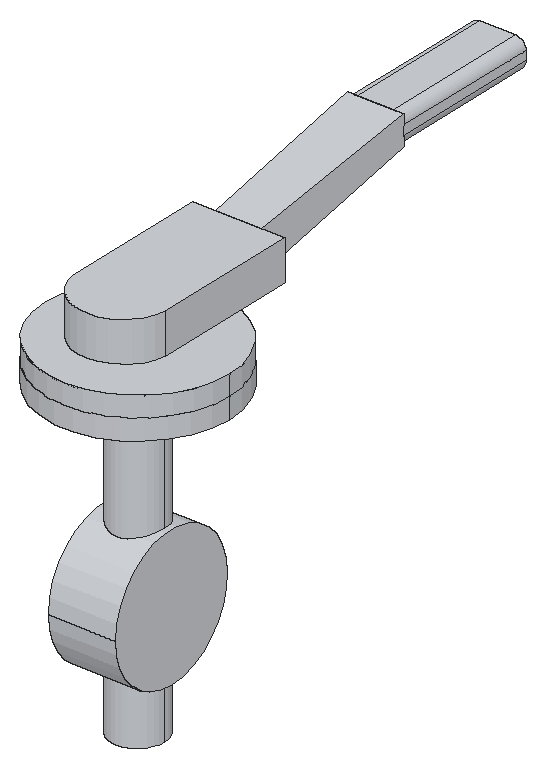
Revit family "HS497-68_disk-nerez_s pákou DN032-RFA_2018", category Pipe Accessories, Revit 2018
Family settings
  Round Connector Dimension = Use Diameter
  Part Type = Valve - Breaks Into
  Work Plane-Based = No
  Always vertical = Yes
  Cut with Voids When Loaded = No
  Shared = No
Parameters (values of type "HS 497-68_DN032_PN16_s pákou")
  magiProductId = "9ad8088d610749a1b871aa2aad8007"
  magiProductFamilyId = "53cea81e6f374d17b8841d9c72ad77"
  magiPartTypeId = 305
  isMeasuringValve [instance] = no
  ang2D [instance] = 0.00°
  X11 = 61.456 mm
  X1 = 25.456 mm
  W2D = 1000 mm
  VersionID = "2.0/2017.9.26.1/ZETKAMA_497_001"
  Use Minimum Symbol Size [instance] = yes
  URL = "http://www.hydronic.cz"
  Type Comments = "mezipřírubová; nerezový disk; PN16; -10~+110°C (krátkodobě +120°C)"
  SW30 = no
  SW3 = no
  SW21 = no
  SW20 = yes
  SW2 = yes
  SW1 = no
  R = 16 mm
  QmdConnectorList = "301;D;302;D"
  Productdata [instance] = ""
  NC = 50 mm
  Manufacturer = "Hydronic Systems Prague s.r.o."
  MM20 = 25.456 mm
  MC Product Code = "121 032 (nerezový disk, s pákou; DN32; PN16, kvs78)"
  M41 = 66 mm
  M4 = 44 mm
  LHL = 220 mm
  LHH3 = 2.45 mm
  LHH1 = 46.55 mm
  LH1 = 73.333 mm
  L4R__ve = -L4R  # -12.8 mm
  L4R = 12.8 mm
  L42__ve = -L42  # -96 mm
  L42 = 96 mm
  L41__ve = -L41  # -19.2 mm
  L41 = 19.2 mm
  L2D_Min = 3048 mm
  L2D = 216 mm
  L2 = 16.5 mm
  L1 = 26.4 mm
  L = 33 mm
  H = 30 mm
  G22 = 11.25 mm
  G2 = 22.5 mm
  G1 = 90 mm
  G = 90 mm
  F = 11 mm
  E44 = 31.25 mm
  E42 = 62.5 mm
  E4 = 125 mm
  E23 = 4.9 mm
  E22 = 19.6 mm
  E21 = 9.8 mm
  Description = "Mezipřírubová uzavírací klapka s pákou; nerezový disk, DN32; PN16; kvs78"
  DR2 = 16 mm
  DR = 68 mm
  DD1 = 15.625 mm
  DD = 12.5 mm
  D = 32 mm
  CAT0 = yes
  B2__ve = -B2  # -44.2 mm
  B2 = 44.2 mm
  A2 = 10.25 mm
  A1 = 76.25 mm
Types (43, lengths in mm): name | magiProductId | X11 | X1 | Type Comments | SW30 | SW3 | SW20 | SW2 | SW1 | R | NC | Manufacturer | MM20 | MC Product Code | M41 | M4 | LHL | LHH3 | LHH1 | LH1 | L4R__ve | L4R | L42__ve | L42 | L41__ve | L41 | L2 | L1 | L | H | G | F | E44 | E42 | E4 | E23 | E22 | E21 | Description | DR2 | DR | DD1 | DD | D | B2__ve | B2 | A2 | A1
  HS 497-68_DN100_PN16_volné vřeteno | "65d1b245f4f142c78569c0602d5754" | 61.456 | 25.456 | "mezipřírubová; nerezový disk; PN16; -10~+110°C (krátkodobě +120°C)" | no | no | no | no | yes | 50 | 50 | "Hydronic Systems Prague s.r.o." | 25.456 | "124 100 (nerezový disk, s volným vřetenem; DN100; PN16, kvs512)" | 66 | 44 | 220 | 2.45 | 46.55 | 73.333 | -12.8 | 12.8 | -96 | 96 | -19.2 | 19.2 | 26 | 41.6 | 52 | 30 | 90 | 11 | 31.25 | 62.5 | 125 | 4.9 | 19.6 | 9.8 | "Mezipřírubová uzavírací klapka s volným vřetenem; nerezový disk, DN100; PN16; kvs512" | 50 | 147 | 15.625 | 12.5 | 100 | -56 | 56 | 16.5 | 98.5
  HS 497-68_DN100_PN16_převodové kolo | "11e91b807e674d428c8e796fcdcfe2" | 61.456 | 25.456 | "mezipřírubová; nerezový disk; PN16; -10~+110°C (krátkodobě +120°C)" | yes | yes | no | no | no | 50 | 50 | "Hydronic Systems Prague s.r.o." | 25.456 | "126 100 (nerezový disk, s převodovým kolem; DN100; PN16, kvs512)" | 65.25 | 43.5 | 220 | 2.45 | 46.55 | 73.333 | -12.8 | 12.8 | -96 | 96 | -19.2 | 19.2 | 26 | 41.6 | 52 | 30 | 90 | 11 | 31.25 | 62.5 | 125 | 4.9 | 19.6 | 9.8 | "Mezipřírubová uzavírací klapka s převodovým kolem; nerezový disk, DN100; PN16; kvs512" | 50 | 147 | 15.625 | 12.5 | 100 | -56 | 56 | 16.5 | 98.5
  HS 497-68_DN100_PN16_s pákou | "28172f0b3f4b47b28323ac71cf8749" | 61.456 | 25.456 | "mezipřírubová; nerezový disk; PN16; -10~+110°C (krátkodobě +120°C)" | no | no | yes | yes | no | 50 | 50 | "Hydronic Systems Prague s.r.o." | 25.456 | "121 100 (nerezový disk, s pákou; DN100; PN16, kvs512)" | 66 | 44 | 260 | 3 | 57 | 86.667 | -12.8 | 12.8 | -96 | 96 | -19.2 | 19.2 | 26 | 41.6 | 52 | 30 | 90 | 11 | 31.25 | 62.5 | 125 | 6 | 24 | 12 | "Mezipřírubová uzavírací klapka s pákou; nerezový disk, DN100; PN16; kvs512" | 50 | 147 | 15.625 | 12.5 | 100 | -56 | 56 | 16.5 | 98.5
  HS 497-68_DN125_PN16_volné vřeteno | "0d813d910fc14f628bb3c2efbd185c" | 61.456 | 25.456 | "mezipřírubová; nerezový disk; PN16; -10~+110°C (krátkodobě +120°C)" | no | no | no | no | yes | 62.5 | 50 | "Hydronic Systems Prague s.r.o." | 25.456 | "124 125 (nerezový disk, s volným vřetenem; DN125; PN16, kvs872)" | 66 | 44 | 220 | 2.45 | 46.55 | 73.333 | -12.8 | 12.8 | -96 | 96 | -19.2 | 19.2 | 28 | 44.8 | 56 | 33 | 90 | 14 | 31.25 | 62.5 | 125 | 4.9 | 19.6 | 9.8 | "Mezipřírubová uzavírací klapka s volným vřetenem; nerezový disk, DN125; PN16; kvs872" | 62.5 | 180 | 15.625 | 12.5 | 125 | -64 | 64 | 18 | 99.5
  HS 497-68_DN125_PN16_převodové kolo | "c56b7c13f372467684996fb1e0e229" | 61.456 | 25.456 | "mezipřírubová; nerezový disk; PN16; -10~+110°C (krátkodobě +120°C)" | yes | yes | no | no | no | 62.5 | 50 | "Hydronic Systems Prague s.r.o." | 25.456 | "126125 (nerezový disk, s převodovým kolem; DN125; PN16, kvs872)" | 65.25 | 43.5 | 220 | 2.45 | 46.55 | 73.333 | -13.5 | 13.5 | -101.25 | 101.25 | -20.25 | 20.25 | 28 | 44.8 | 56 | 33 | 90 | 14 | 40 | 80 | 160 | 4.9 | 19.6 | 9.8 | "Mezipřírubová uzavírací klapka s převodovým kolem; nerezový disk, DN125; PN16; kvs872" | 62.5 | 180 | 20 | 16 | 125 | -64 | 64 | 18 | 99.5
  HS 497-68_DN125_PN16_s pákou | "105993c79a91492399feef7931321a" | 61.456 | 25.456 | "mezipřírubová; nerezový disk; PN16; -10~+110°C (krátkodobě +120°C)" | no | no | yes | yes | no | 62.5 | 50 | "Hydronic Systems Prague s.r.o." | 25.456 | "121 125 (nerezový disk, s pákou; DN125; PN16, kvs872)" | 66 | 44 | 315 | 3.75 | 71.25 | 105 | -12.8 | 12.8 | -96 | 96 | -19.2 | 19.2 | 28 | 44.8 | 56 | 33 | 90 | 14 | 31.25 | 62.5 | 125 | 7.5 | 30 | 15 | "Mezipřírubová uzavírací klapka s pákou; nerezový disk, DN125; PN16; kvs872" | 62.5 | 180 | 15.625 | 12.5 | 125 | -64 | 64 | 18 | 99.5
  HS 497-68_DN150_PN16_volné vřeteno | "50c80cb8ab434f55ab7796e5ac1331" | 61.456 | 25.456 | "mezipřírubová; nerezový disk; PN16; -10~+110°C (krátkodobě +120°C)" | no | no | no | no | yes | 75 | 50 | "Hydronic Systems Prague s.r.o." | 25.456 | "124 150 (nerezový disk, s volným vřetenem; DN150; PN16, kvs1347)" | 66 | 44 | 220 | 2.45 | 46.55 | 73.333 | -12.8 | 12.8 | -96 | 96 | -19.2 | 19.2 | 28 | 44.8 | 56 | 33 | 90 | 14 | 31.25 | 62.5 | 125 | 4.9 | 19.6 | 9.8 | "Mezipřírubová uzavírací klapka s volným vřetenem; nerezový disk, DN150; PN16; kvs1347" | 75 | 206 | 15.625 | 12.5 | 150 | -58 | 58 | 19.3 | 98.7
  HS 497-68_DN150_PN16_převodové kolo | "d94a1a0cf83b476eb10011b327f709" | 61.456 | 25.456 | "mezipřírubová; nerezový disk; PN16; -10~+110°C (krátkodobě +120°C)" | yes | yes | no | no | no | 75 | 50 | "Hydronic Systems Prague s.r.o." | 25.456 | "126 150 (nerezový disk, s převodovým kolem; DN150; PN16, kvs1347)" | 65.25 | 43.5 | 220 | 2.45 | 46.55 | 73.333 | -13.5 | 13.5 | -101.25 | 101.25 | -20.25 | 20.25 | 28 | 44.8 | 56 | 33 | 90 | 14 | 40 | 80 | 160 | 4.9 | 19.6 | 9.8 | "Mezipřírubová uzavírací klapka s převodovým kolem; nerezový disk, DN150; PN16; kvs1347" | 75 | 206 | 20 | 16 | 150 | -58 | 58 | 19.3 | 98.7
  HS 497-68_DN150_PN16_s pákou | "4d2835523fe84828bc50ff0a5a0dfb" | 61.456 | 25.456 | "mezipřírubová; nerezový disk; PN16; -10~+110°C (krátkodobě +120°C)" | no | no | yes | yes | no | 75 | 50 | "Hydronic Systems Prague s.r.o." | 25.456 | "121 150 (nerezový disk, s pákou; DN150; PN16, kvs1347)" | 66 | 44 | 315 | 3.75 | 71.25 | 105 | -12.8 | 12.8 | -96 | 96 | -19.2 | 19.2 | 28 | 44.8 | 56 | 33 | 90 | 14 | 31.25 | 62.5 | 125 | 7.5 | 30 | 15 | "Mezipřírubová uzavírací klapka s pákou; nerezový disk, DN150; PN16; kvs1347" | 75 | 206 | 15.625 | 12.5 | 150 | -58 | 58 | 19.3 | 98.7
  HS 497-68_DN200_PN16_volné vřeteno | "5b29029eaeba47139ee1055a4b9201" | 61.456 | 25.456 | "mezipřírubová; nerezový disk; PN16; -10~+110°C (krátkodobě +120°C)" | no | no | no | no | yes | 100 | 50 | "Hydronic Systems Prague s.r.o." | 25.456 | "124 200 (nerezový disk, s volným vřetenem; DN200; PN16, kvs2675)" | 66 | 44 | 220 | 2.45 | 46.55 | 73.333 | -12.8 | 12.8 | -96 | 96 | -19.2 | 19.2 | 30 | 48 | 60 | 33 | 90 | 17 | 31.25 | 62.5 | 125 | 4.9 | 19.6 | 9.8 | "Mezipřírubová uzavírací klapka s volným vřetenem; nerezový disk, DN200; PN16; kvs2675" | 100 | 257 | 15.625 | 12.5 | 200 | -70 | 70 | 22.5 | 102.5
  HS 497-68_DN200_PN16_převodové kolo | "b2793cc1fcc44cf2a35062cd67c04f" | 61.456 | 25.456 | "mezipřírubová; nerezový disk; PN16; -10~+110°C (krátkodobě +120°C)" | yes | yes | no | no | no | 100 | 57 | "Hydronic Systems Prague s.r.o." | 25.456 | "126 200 (nerezový disk, s převodovým kolem; DN200; PN16, kvs2675)" | 78.75 | 52.5 | 220 | 2.45 | 46.55 | 73.333 | -15.2 | 15.2 | -114 | 114 | -22.8 | 22.8 | 30 | 48 | 60 | 33 | 90 | 17 | 50 | 100 | 200 | 4.9 | 19.6 | 9.8 | "Mezipřírubová uzavírací klapka s převodovým kolem; nerezový disk, DN200; PN16; kvs2675" | 100 | 257 | 25 | 20 | 200 | -70 | 70 | 22.5 | 102.5
  HS 497-68_DN200_PN16_s pákou | "f88d96c7af224537a51e72d7d8fffe" | 61.456 | 25.456 | "mezipřírubová; nerezový disk; PN16; -10~+110°C (krátkodobě +120°C)" | no | no | yes | yes | no | 100 | 50 | "Hydronic Systems Prague s.r.o." | 25.456 | "121 200 (nerezový disk, s pákou; DN200; PN16, kvs2675)" | 66 | 44 | 315 | 3.75 | 71.25 | 105 | -12.8 | 12.8 | -96 | 96 | -19.2 | 19.2 | 30 | 48 | 60 | 33 | 90 | 17 | 31.25 | 62.5 | 125 | 7.5 | 30 | 15 | "Mezipřírubová uzavírací klapka s pákou; nerezový disk, DN200; PN16; kvs2675" | 100 | 257 | 15.625 | 12.5 | 200 | -70 | 70 | 22.5 | 102.5
  HS 497-68_DN250_PN16_volné vřeteno | "b662e8305ca2402b9c510e66e6aa55" | 88.77 | 36.77 | "mezipřírubová; nerezový disk; PN16; -10~+110°C (krátkodobě +120°C)" | no | no | no | no | yes | 125 | 50 | "Hydronic Systems Prague s.r.o." | 36.77 | "124 250 (nerezový disk, s volným vřetenem; DN250; PN16, kvs4555)" | 66 | 44 | 220 | 2.45 | 46.55 | 73.333 | -12.8 | 12.8 | -96 | 96 | -19.2 | 19.2 | 34 | 54.4 | 68 | 23 | 130 | 22 | 31.25 | 62.5 | 125 | 4.9 | 19.6 | 9.8 | "Mezipřírubová uzavírací klapka s volným vřetenem; nerezový disk, DN250; PN16; kvs4555" | 125 | 324 | 15.625 | 12.5 | 250 | -85 | 85 | 28.25 | 129.25
  HS 497-68_DN250_PN16_převodové kolo | "5ee9016806664ddfaa2632711f295c" | 88.77 | 36.77 | "mezipřírubová; nerezový disk; PN16; -10~+110°C (krátkodobě +120°C)" | yes | yes | no | no | no | 125 | 70 | "Hydronic Systems Prague s.r.o." | 36.77 | "126 250 (nerezový disk, s převodovým kolem; DN250; PN16, kvs4555)" | 91.5 | 61 | 220 | 2.45 | 46.55 | 73.333 | -22.2 | 22.2 | -166.5 | 166.5 | -33.3 | 33.3 | 34 | 54.4 | 68 | 23 | 130 | 22 | 62.5 | 125 | 250 | 4.9 | 19.6 | 9.8 | "Mezipřírubová uzavírací klapka s převodovým kolem; nerezový disk, DN250; PN16; kvs4555" | 125 | 324 | 31.25 | 25 | 250 | -85 | 85 | 28.25 | 129.25
  HS 497-68_DN300_PN16_volné vřeteno | "e1886f51ff004380a649519258edf2" | 88.77 | 36.77 | "mezipřírubová; nerezový disk; PN16; -10~+110°C (krátkodobě +120°C)" | no | no | no | no | yes | 150 | 50 | "Hydronic Systems Prague s.r.o." | 36.77 | "124 300 (nerezový disk, s volným vřetenem; DN300; PN16, kvs7037)" | 66 | 44 | 220 | 2.45 | 46.55 | 73.333 | -12.8 | 12.8 | -96 | 96 | -19.2 | 19.2 | 39 | 62.4 | 78 | 23 | 130 | 22 | 31.25 | 62.5 | 125 | 4.9 | 19.6 | 9.8 | "Mezipřírubová uzavírací klapka s volným vřetenem; nerezový disk, DN300; PN16; kvs7037" | 150 | 376 | 15.625 | 12.5 | 300 | -90 | 90 | 30.8 | 127.2
  HS 497-68_DN300_PN16_převodové kolo | "6860f094f77d42088fbebc3c97f755" | 88.77 | 36.77 | "mezipřírubová; nerezový disk; PN16; -10~+110°C (krátkodobě +120°C)" | yes | yes | no | no | no | 150 | 70 | "Hydronic Systems Prague s.r.o." | 36.77 | "126 300 (nerezový disk, s převodovým kolem; DN300; PN16, kvs7037)" | 91.5 | 61 | 220 | 2.45 | 46.55 | 73.333 | -22.2 | 22.2 | -166.5 | 166.5 | -33.3 | 33.3 | 39 | 62.4 | 78 | 23 | 130 | 22 | 62.5 | 125 | 250 | 4.9 | 19.6 | 9.8 | "Mezipřírubová uzavírací klapka s převodovým kolem; nerezový disk, DN300; PN16; kvs7037" | 150 | 376 | 31.25 | 25 | 300 | -90 | 90 | 30.8 | 127.2
  HS 497-68_DN032_PN16_volné vřeteno | "8c5f65de52aa4067a77564107e31b2" | 61.456 | 25.456 | "mezipřírubová; nerezový disk; PN16; -10~+110°C (krátkodobě +120°C)" | no | no | no | no | yes | 16 | 50 | "Hydronic Systems Prague s.r.o." | 25.456 | "124 032 (nerezový disk, s volným vřetenem; DN32; PN16, kvs78)" | 66 | 44 | 220 | 2.45 | 46.55 | 73.333 | -12.8 | 12.8 | -96 | 96 | -19.2 | 19.2 | 16.5 | 26.4 | 33 | 30 | 90 | 11 | 31.25 | 62.5 | 125 | 4.9 | 19.6 | 9.8 | "Mezipřírubová uzavírací klapka s volným vřetenem; nerezový disk, DN32; PN16; kvs78" | 16 | 68 | 15.625 | 12.5 | 32 | -44.2 | 44.2 | 10.25 | 76.25
  HS 497-68_DN032_PN16_převodové kolo | "60aaeffa8b3a4e809ef000e4660060" | 61.456 | 25.456 | "mezipřírubová; nerezový disk; PN16; -10~+110°C (krátkodobě +120°C)" | yes | yes | no | no | no | 16 | 50 | "Hydronic Systems Prague s.r.o." | 25.456 | "126 032 (nerezový disk, s převodovým kolem; DN32; PN16, kvs78)" | 65.25 | 43.5 | 220 | 2.45 | 46.55 | 73.333 | -12.8 | 12.8 | -96 | 96 | -19.2 | 19.2 | 16.5 | 26.4 | 33 | 30 | 90 | 11 | 31.25 | 62.5 | 125 | 4.9 | 19.6 | 9.8 | "Mezipřírubová uzavírací klapka s převodovým kolem; nerezový disk, DN32; PN16; kvs78" | 16 | 68 | 15.625 | 12.5 | 32 | -44.2 | 44.2 | 10.25 | 76.25
  HS 497-68_DN032_PN16_s pákou | "9ad8088d610749a1b871aa2aad8007" | 61.456 | 25.456 | "mezipřírubová; nerezový disk; PN16; -10~+110°C (krátkodobě +120°C)" | no | no | yes | yes | no | 16 | 50 | "Hydronic Systems Prague s.r.o." | 25.456 | "121 032 (nerezový disk, s pákou; DN32; PN16, kvs78)" | 66 | 44 | 220 | 2.45 | 46.55 | 73.333 | -12.8 | 12.8 | -96 | 96 | -19.2 | 19.2 | 16.5 | 26.4 | 33 | 30 | 90 | 11 | 31.25 | 62.5 | 125 | 4.9 | 19.6 | 9.8 | "Mezipřírubová uzavírací klapka s pákou; nerezový disk, DN32; PN16; kvs78" | 16 | 68 | 15.625 | 12.5 | 32 | -44.2 | 44.2 | 10.25 | 76.25
  HS 497-68_DN350_PN10_volné vřeteno | "72a1e05f22944421b7e9596a877137" | 109.255 | 45.255 | "mezipřírubová; nerezový disk; PN10; -10~+110°C (krátkodobě +120°C)" | no | no | no | no | yes | 175 | 50 | "Hydronic Systems Prague s.r.o." | 45.255 | "124 350 (nerezový disk, s volným vřetenem; DN350; PN10, kvs10165)" | 66 | 44 | 220 | 2.45 | 46.55 | 73.333 | -12.8 | 12.8 | -96 | 96 | -19.2 | 19.2 | 39 | 62.4 | 78 | 31 | 160 | 22 | 31.25 | 62.5 | 125 | 4.9 | 19.6 | 9.8 | "Mezipřírubová uzavírací klapka s volným vřetenem; nerezový disk, DN350; PN10; kvs10165" | 175 | 430 | 15.625 | 12.5 | 350 | -88 | 88 | 33.85 | 129.65
  HS 497-68_DN350_PN10_převodové kolo | "a5a01426cb28494ba3afca92f1dace" | 109.255 | 45.255 | "mezipřírubová; nerezový disk; PN10; -10~+110°C (krátkodobě +120°C)" | yes | yes | no | no | no | 175 | 70 | "Hydronic Systems Prague s.r.o." | 45.255 | "126 350 (nerezový disk, s převodovým kolem; DN350; PN10, kvs10165)" | 91.5 | 61 | 220 | 2.45 | 46.55 | 73.333 | -22.2 | 22.2 | -166.5 | 166.5 | -33.3 | 33.3 | 39 | 62.4 | 78 | 31 | 160 | 22 | 62.5 | 125 | 250 | 4.9 | 19.6 | 9.8 | "Mezipřírubová uzavírací klapka s převodovým kolem; nerezový disk, DN350; PN10; kvs10165" | 175 | 430 | 31.25 | 25 | 350 | -88 | 88 | 33.85 | 129.65
  HS 497-68_DN400_PN10_volné vřeteno | "c70ebeb927c04ab99b176e257ad0a7" | 109.255 | 45.255 | "mezipřírubová; nerezový disk; PN10; -10~+110°C (krátkodobě +120°C)" | no | no | no | no | yes | 200 | 50 | "Hydronic Systems Prague s.r.o." | 45.255 | "124 400 (nerezový disk, s volným vřetenem; DN400; PN10, kvs13799)" | 66 | 44 | 220 | 2.45 | 46.55 | 73.333 | -12.8 | 12.8 | -96 | 96 | -19.2 | 19.2 | 51 | 81.6 | 102 | 31 | 160 | 27 | 31.25 | 62.5 | 125 | 4.9 | 19.6 | 9.8 | "Mezipřírubová uzavírací klapka s volným vřetenem; nerezový disk, DN400; PN10; kvs13799" | 200 | 485 | 15.625 | 12.5 | 400 | -108 | 108 | 38 | 142
  HS 497-68_DN400_PN10_převodové kolo | "cc64a4384dcb41b780d81810f4f293" | 109.255 | 45.255 | "mezipřírubová; nerezový disk; PN10; -10~+110°C (krátkodobě +120°C)" | yes | yes | no | no | no | 200 | 72.5 | "Hydronic Systems Prague s.r.o." | 45.255 | "126 400 (nerezový disk, s převodovým kolem; DN400; PN10, kvs13799)" | 103.5 | 69 | 220 | 2.45 | 46.55 | 73.333 | -27.8 | 27.8 | -208.5 | 208.5 | -41.7 | 41.7 | 51 | 81.6 | 102 | 31 | 160 | 27 | 75 | 150 | 300 | 4.9 | 19.6 | 9.8 | "Mezipřírubová uzavírací klapka s převodovým kolem; nerezový disk, DN400; PN10; kvs13799" | 200 | 485 | 37.5 | 30 | 400 | -108 | 108 | 38 | 142
  HS 497-68_DN040_PN16_volné vřeteno | "35f92312390745e88df5b5c325d9ee" | 61.456 | 25.456 | "mezipřírubová; nerezový disk; PN16; -10~+110°C (krátkodobě +120°C)" | no | no | no | no | yes | 20 | 50 | "Hydronic Systems Prague s.r.o." | 25.456 | "124 040 (nerezový disk, s volným vřetenem; DN40; PN16, kvs78)" | 66 | 44 | 220 | 2.45 | 46.55 | 73.333 | -12.8 | 12.8 | -96 | 96 | -19.2 | 19.2 | 16.5 | 26.4 | 33 | 30 | 90 | 11 | 31.25 | 62.5 | 125 | 4.9 | 19.6 | 9.8 | "Mezipřírubová uzavírací klapka s volným vřetenem; nerezový disk, DN40; PN16; kvs78" | 20 | 76 | 15.625 | 12.5 | 40 | -36 | 36 | 11 | 79
  HS 497-68_DN040_PN16_převodové kolo | "d88e968eae3445bc9b7b4e6ff35127" | 61.456 | 25.456 | "mezipřírubová; nerezový disk; PN16; -10~+110°C (krátkodobě +120°C)" | yes | yes | no | no | no | 20 | 50 | "Hydronic Systems Prague s.r.o." | 25.456 | "126 040 (nerezový disk, s převodovým kolem; DN40; PN16, kvs78)" | 65.25 | 43.5 | 220 | 2.45 | 46.55 | 73.333 | -12.8 | 12.8 | -96 | 96 | -19.2 | 19.2 | 16.5 | 26.4 | 33 | 30 | 90 | 11 | 31.25 | 62.5 | 125 | 4.9 | 19.6 | 9.8 | "Mezipřírubová uzavírací klapka s převodovým kolem; nerezový disk, DN40; PN16; kvs78" | 20 | 76 | 15.625 | 12.5 | 40 | -36 | 36 | 11 | 79
  HS 497-68_DN040_PN16_s pákou | "c1b522ca65b4407a98818f232eaacb" | 61.456 | 25.456 | "mezipřírubová; nerezový disk; PN16; -10~+110°C (krátkodobě +120°C)" | no | no | yes | yes | no | 20 | 50 | "Hydronic Systems Prague s.r.o." | 25.456 | "121 040 (nerezový disk, s pákou; DN40; PN16, kvs78)" | 66 | 44 | 220 | 2.45 | 46.55 | 73.333 | -12.8 | 12.8 | -96 | 96 | -19.2 | 19.2 | 16.5 | 26.4 | 33 | 30 | 90 | 11 | 31.25 | 62.5 | 125 | 4.9 | 19.6 | 9.8 | "Mezipřírubová uzavírací klapka s pákou; nerezový disk, DN40; PN16; kvs78" | 20 | 76 | 15.625 | 12.5 | 40 | -36 | 36 | 11 | 79
  HS 497-68_DN450_PN10_volné vřeteno | "a8358bc282f14872b3194e530e590a" | 129.74 | 53.74 | "mezipřírubová; nerezový disk; PN10; -10~+110°C (krátkodobě +120°C)" | no | no | no | no | yes | 225 | 50 | "Hydronic Systems Prague s.r.o." | 53.74 | "124 450 (nerezový disk, s volným vřetenem; DN450; PN10, kvs18514)" | 66 | 44 | 220 | 2.45 | 46.55 | 73.333 | -12.8 | 12.8 | -96 | 96 | -19.2 | 19.2 | 57 | 91.2 | 114 | 38 | 190 | 36 | 31.25 | 62.5 | 125 | 4.9 | 19.6 | 9.8 | "Mezipřírubová uzavírací klapka s volným vřetenem; nerezový, DN450; PN10; kvs18514" | 225 | 536 | 15.625 | 12.5 | 450 | -115 | 115 | 38.05 | 117.45
  HS 497-68_DN450_PN10_převodové kolo | "cdf2d80f54a9414f9cbe50647c0ebd" | 129.74 | 53.74 | "mezipřírubová; nerezový disk; PN10; -10~+110°C (krátkodobě +120°C)" | yes | yes | no | no | no | 225 | 91.5 | "Zetkama" | 53.74 | "126 450 (nerezový disk, s převodovým kolem; DN450; PN10, kvs18514)" | 144.75 | 96.5 | 220 | 2.45 | 46.55 | 73.333 | -32.1 | 32.1 | -240.75 | 240.75 | -48.15 | 48.15 | 57 | 91.2 | 114 | 38 | 190 | 36 | 100 | 200 | 400 | 4.9 | 19.6 | 9.8 | "Mezipřírubová uzavírací klapka s převodovým kolem; nerezový disk, DN450; PN10; kvs18514" | 225 | 536 | 50 | 40 | 450 | -115 | 115 | 38.05 | 117.45
  HS 497-68_DN500_PN10_volné vřeteno | "8c396e27bb2743f98f3c762b6517cd" | 143.397 | 59.397 | "mezipřírubová; nerezový disk; PN10; -10~+110°C (krátkodobě +120°C)" | no | no | no | no | yes | 250 | 50 | "Hydronic Systems Prague s.r.o." | 59.397 | "124 500 (nerezový disk, s volným vřetenem; DN500; PN10, kvs23805)" | 66 | 44 | 220 | 2.45 | 46.55 | 73.333 | -12.8 | 12.8 | -96 | 96 | -19.2 | 19.2 | 63.5 | 101.6 | 127 | 38 | 210 | 36 | 31.25 | 62.5 | 125 | 4.9 | 19.6 | 9.8 | "Mezipřírubová uzavírací klapka s volným vřetenem; nerezový disk, DN500; PN10; kvs23805" | 250 | 593 | 15.625 | 12.5 | 500 | -130 | 130 | 43.25 | 139.25
  HS 497-68_DN500_PN10_převodové kolo | "7647804f32e94cef828a7034a91a46" | 143.397 | 59.397 | "mezipřírubová; nerezový disk; PN10; -10~+110°C (krátkodobě +120°C)" | yes | yes | no | no | no | 250 | 91.5 | "Zetkama" | 59.397 | "126 500 (nerezový disk, s převodovým kolem; DN500; PN10, kvs23805)" | 144.75 | 96.5 | 220 | 2.45 | 46.55 | 73.333 | -32.1 | 32.1 | -240.75 | 240.75 | -48.15 | 48.15 | 63.5 | 101.6 | 127 | 38 | 210 | 36 | 100 | 200 | 400 | 4.9 | 19.6 | 9.8 | "Mezipřírubová uzavírací klapka s převodovým kolem; nerezový disk, DN500; PN10; kvs23805" | 250 | 593 | 50 | 40 | 500 | -130 | 130 | 43.25 | 139.25
  HS 497-68_DN050_volné vřeteno | "d71f296ecd6d4adf8f6e5d9853b4e0" | 61.456 | 25.456 | "mezipřírubová; nerezový disk; PN16; -10~+110°C (krátkodobě +120°C)" | no | no | no | no | yes | 25 | 50 | "Hydronic Systems Prague s.r.o." | 25.456 | "124 050 (nerezový disk, s volným vřetenem; DN50; PN16, kvs98)" | 66 | 44 | 220 | 2.45 | 46.55 | 73.333 | -12.8 | 12.8 | -96 | 96 | -19.2 | 19.2 | 21.5 | 34.4 | 43 | 30 | 90 | 11 | 31.25 | 62.5 | 125 | 4.9 | 19.6 | 9.8 | "Mezipřírubová uzavírací klapka s volným vřetenem; nerezový disk, DN50; PN16; kvs98" | 25 | 100 | 15.625 | 12.5 | 50 | -36.5 | 36.5 | 12 | 83
  HS 497-68_DN050_PN16_převodové kolo | "2fb080deeaed49c58418b94c1da5a4" | 61.456 | 25.456 | "mezipřírubová; nerezový disk; PN16; -10~+110°C (krátkodobě +120°C)" | yes | yes | no | no | no | 25 | 50 | "Hydronic Systems Prague s.r.o." | 25.456 | "126 050 (nerezový disk, s převodovým kolem; DN50; PN16, kvs98)" | 65.25 | 43.5 | 220 | 2.45 | 46.55 | 73.333 | -12.8 | 12.8 | -96 | 96 | -19.2 | 19.2 | 21.5 | 34.4 | 43 | 30 | 90 | 11 | 31.25 | 62.5 | 125 | 4.9 | 19.6 | 9.8 | "Mezipřírubová uzavírací klapka s převodovým kolem; nerezový disk, DN50; PN16; kvs98" | 25 | 100 | 15.625 | 12.5 | 50 | -36.5 | 36.5 | 12 | 83
  HS 497-68_DN050_PN16_s pákou | "dabc632061f94877a994b9b4e68112" | 61.456 | 25.456 | "mezipřírubová; nerezový disk; PN16; -10~+110°C (krátkodobě +120°C)" | no | no | yes | yes | no | 25 | 50 | "Hydronic Systems Prague s.r.o." | 25.456 | "121 050 (nerezový disk, s pákou; DN50; PN16, kvs98)" | 66 | 44 | 220 | 2.45 | 46.55 | 73.333 | -12.8 | 12.8 | -96 | 96 | -19.2 | 19.2 | 21.5 | 34.4 | 43 | 30 | 90 | 11 | 31.25 | 62.5 | 125 | 4.9 | 19.6 | 9.8 | "Mezipřírubová uzavírací klapka s pákou; nerezový disk, DN50; PN16; kvs98" | 25 | 100 | 15.625 | 12.5 | 50 | -36.5 | 36.5 | 12 | 83
  HS 497-68_DN600_PN10_volné vřeteno | "99d5892c14664fce81a7c5903f7711" | 143.397 | 59.397 | "mezipřírubová; nerezový disk; PN10; -10~+110°C (krátkodobě +120°C)" | no | no | no | no | yes | 300 | 50 | "Hydronic Systems Prague s.r.o." | 59.397 | "124 600 (nerezový disk, s volným vřetenem; DN600; PN10, kvs36778)" | 66 | 44 | 220 | 2.45 | 46.55 | 73.333 | -12.8 | 12.8 | -96 | 96 | -19.2 | 19.2 | 77 | 123.2 | 154 | 80 | 210 | 60 | 31.25 | 62.5 | 125 | 4.9 | 19.6 | 9.8 | "Mezipřírubová uzavírací klapka s volným vřetenem; nerezový disk, DN600; PN10; kvs36788" | 300 | 690 | 15.625 | 12.5 | 600 | -140 | 140 | 49.4 | 144.6
  HS 497-68_DN600_PN10_převodové kolo | "b1e26faab48a4c499f6bb11e7e3002" | 143.397 | 59.397 | "mezipřírubová; lnerezový disk; PN10; -10~+110°C (krátkodobě +120°C)" | yes | yes | no | no | no | 300 | 140 | "Hydronic Systems Prague s.r.o." | 59.397 | "126 600 (nerezový disk, s převodovým kolem; DN600; PN10, kvs36778)" | 206.25 | 137.5 | 220 | 2.45 | 46.55 | 73.333 | -40.8 | 40.8 | -306 | 306 | -61.2 | 61.2 | 77 | 123.2 | 154 | 80 | 210 | 60 | 125 | 250 | 500 | 4.9 | 19.6 | 9.8 | "Mezipřírubová uzavírací klapka s převodovým kolem; nerezový disk, DN600; PN10; kvs36788" | 300 | 690 | 62.5 | 50 | 600 | -140 | 140 | 49.4 | 144.6
  HS 497-68_DN065_PN16_volné vřeteno | "5e5e208646e34ec29f889baab5d08e" | 61.456 | 25.456 | "mezipřírubová; lnerezový disk; PN16; -10~+110°C (krátkodobě +120°C)" | no | no | no | no | yes | 32.5 | 50 | "Hydronic Systems Prague s.r.o." | 25.456 | "124 065 (nerezový disk, s volným vřetenem; DN65; PN16, kvs167)" | 66 | 44 | 220 | 2.45 | 46.55 | 73.333 | -12.8 | 12.8 | -96 | 96 | -19.2 | 19.2 | 23 | 36.8 | 46 | 30 | 90 | 11 | 31.25 | 62.5 | 125 | 4.9 | 19.6 | 9.8 | "Mezipřírubová uzavírací klapka s volným vřetenem; nerezový disk, DN65; PN16; kv167" | 32.5 | 108 | 15.625 | 12.5 | 65 | -36.5 | 36.5 | 13.5 | 89
  HS 497-68_DN065_PN16_převodové kolo | "654d74c8d15540b0bfe523d988ccb3" | 61.456 | 25.456 | "mezipřírubová; nerezový disk; PN16; -10~+110°C (krátkodobě +120°C)" | yes | yes | no | no | no | 32.5 | 50 | "Hydronic Systems Prague s.r.o." | 25.456 | "126 065 (nerezový disk, s převodovým kolem; DN65; PN16, kvs167)" | 65.25 | 43.5 | 220 | 2.45 | 46.55 | 73.333 | -12.8 | 12.8 | -96 | 96 | -19.2 | 19.2 | 23 | 36.8 | 46 | 30 | 90 | 11 | 31.25 | 62.5 | 125 | 4.9 | 19.6 | 9.8 | "Mezipřírubová uzavírací klapka s převodovým kolem; nerezový disk, DN65; PN16; kvs167" | 32.5 | 108 | 15.625 | 12.5 | 65 | -36.5 | 36.5 | 13.5 | 89
  HS 497-68_DN065_PN16_s pákou | "ebeb4b59db0641caaf6d6635ab37b9" | 61.456 | 25.456 | "mezipřírubová; nerezový disk; PN16; -10~+110°C (krátkodobě +120°C)" | no | no | yes | yes | no | 32.5 | 50 | "Hydronic Systems Prague s.r.o." | 25.456 | "121 065 (nerezový disk, s pákou; DN65; PN16, kvs167)" | 66 | 44 | 220 | 2.45 | 46.55 | 73.333 | -12.8 | 12.8 | -96 | 96 | -19.2 | 19.2 | 23 | 36.8 | 46 | 30 | 90 | 11 | 31.25 | 62.5 | 125 | 4.9 | 19.6 | 9.8 | "Mezipřírubová uzavírací klapka s pákou; nerezový disk, DN65; PN16; kvs167" | 32.5 | 108 | 15.625 | 12.5 | 65 | -36.5 | 36.5 | 13.5 | 89
  HS 497-68_DN080_PN16_volné vřeteno | "9e85c75c18654e1185a9c48ed6b00e" | 61.456 | 25.456 | "mezipřírubová; nerezový disk; PN16; -10~+110°C (krátkodobě +120°C)" | no | no | no | no | yes | 40 | 50 | "Hydronic Systems Prague s.r.o." | 25.456 | "124 080 (nerezový disk, s volným vřetenem; DN80; PN16, kvs258)" | 66 | 44 | 220 | 2.45 | 46.55 | 73.333 | -12.8 | 12.8 | -96 | 96 | -19.2 | 19.2 | 23 | 36.8 | 46 | 30 | 90 | 11 | 31.25 | 62.5 | 125 | 4.9 | 19.6 | 9.8 | "Mezipřírubová uzavírací klapka s volným vřetenem; nerezový disk, DN80; PN16; kvs258" | 40 | 124 | 15.625 | 12.5 | 80 | -54 | 54 | 14.1 | 86.9
  HS 497-68_DN080_PN16_převodové kolo | "5b3c8238c3d041e68c75b199e7ea46" | 61.456 | 25.456 | "mezipřírubová; nerezový disk; PN16; -10~+110°C (krátkodobě +120°C)" | yes | yes | no | no | no | 40 | 50 | "Hydronic Systems Prague s.r.o." | 25.456 | "126 080 (nerezový disk, s převodovým kolem; DN80; PN16, kvs258)" | 65.25 | 43.5 | 220 | 2.45 | 46.55 | 73.333 | -12.8 | 12.8 | -96 | 96 | -19.2 | 19.2 | 23 | 36.8 | 46 | 30 | 90 | 11 | 31.25 | 62.5 | 125 | 4.9 | 19.6 | 9.8 | "Mezipřírubová uzavírací klapka s převodovým kolem; nerezový disk, DN80; PN16; kvs258" | 40 | 124 | 15.625 | 12.5 | 80 | -54 | 54 | 14.1 | 86.9
  HS 497-68_DN080_PN16_s pákou | "e414795fab0f4eccb99bc3572c5477" | 61.456 | 25.456 | "mezipřírubová; nerezový disk; PN16; -10~+110°C (krátkodobě +120°C)" | no | no | yes | yes | no | 40 | 50 | "Hydronic Systems Prague s.r.o." | 25.456 | "121 080 (nerezový disk, s pákou; DN80; PN16, kvs258)" | 66 | 44 | 260 | 3 | 57 | 86.667 | -12.8 | 12.8 | -96 | 96 | -19.2 | 19.2 | 23 | 36.8 | 46 | 30 | 90 | 11 | 31.25 | 62.5 | 125 | 6 | 24 | 12 | "Mezipřírubová uzavírací klapka s pákou; nerezový disk, DN80; PN16; kvs258" | 40 | 124 | 15.625 | 12.5 | 80 | -54 | 54 | 14.1 | 86.9
  HS 497-68_DN250_PN16_s pákou | "" | 88.77 | 36.77 | "mezipřírubová; nerezový disk; PN16; -10~+110°C (krátkodobě +120°C)" | no | no | yes | yes | no | 125 | 70 | "Hydronic Systems Prague s.r.o." | 36.77 | "121 250 (nerezový disk, s ákou; DN250; PN16, kvs4555)" | 91.5 | 61 | 220 | 2.45 | 46.55 | 73.333 | -22.2 | 22.2 | -166.5 | 166.5 | -33.3 | 33.3 | 34 | 54.4 | 68 | 23 | 130 | 22 | 62.5 | 125 | 250 | 4.9 | 19.6 | 9.8 | "Mezipřírubová uzavírací klapka s pákou; nerezový disk, DN250; PN16; kvs4555" | 125 | 324 | 31.25 | 25 | 250 | -85 | 85 | 28.25 | 129.25
  HS 497-68_DN300_PN16_s pákou | "" | 88.77 | 36.77 | "mezipřírubová; nerezový disk; PN16; -10~+110°C (krátkodobě +120°C)" | no | no | yes | yes | no | 150 | 70 | "Hydronic Systems Prague s.r.o." | 36.77 | "121 300 (nerezový disk, s pákou; DN300; PN16, kvs7037)" | 91.5 | 61 | 220 | 2.45 | 46.55 | 73.333 | -22.2 | 22.2 | -166.5 | 166.5 | -33.3 | 33.3 | 39 | 62.4 | 78 | 23 | 130 | 22 | 62.5 | 125 | 250 | 4.9 | 19.6 | 9.8 | "Mezipřírubová uzavírací klapka s pákou; nerezový disk, DN300; PN16; kvs7037" | 150 | 376 | 31.25 | 25 | 300 | -90 | 90 | 30.8 | 127.2
Reference planes
  plane 1 "Center (Front/Back)": y = 0
  plane 2 "XYPLANE": z = 0
  plane 3 "Center (Left/Right)": x = 0
  plane 4 "473": x = -25.456
  plane 5 "472": x = -66
  plane 6 "471": y = -25.456
  plane 7 "470": y = 25.456
  plane 8 "469": x = -44
  plane 9 "468": y = -115.2
  plane 10 "467": y = -96
  plane 11 "466": z = 133.75
  plane 12 "465": z = 149.05
  plane 13 "464": y = 145.417
  plane 14 "463": z = 139.25
  plane 15 "462": z = 122.1
  plane 16 "461": z = 131.9
  plane 17 "460": y = 72.083
  plane 18 "459": x = -11.25
  plane 19 "458": x = 11.25
  plane 20 "457": y = -6.25
  plane 21 "456": x = -17.5
  plane 22 "455": x = 17.5
  plane 23 "454": z = 136.8
  plane 24 "453": y = 62.083
  plane 25 "452": y = -11.25
  plane 26 "451": x = -22.5
  plane 27 "450": x = 22.5
  plane 28 "449": z = 117.2
  plane 29 "448": z = 112.3
  plane 30 "447": z = -16
  plane 31 "446": z = 102.5
  plane 32 "445": z = 92.25
  plane 33 "444": z = 16
  plane 34 "443": x = 16.5
  plane 35 "442": x = -16.5
  plane 36 "441": z = 0
  plane 37 "440": y = 0
  plane 38 "439": x = 0
  plane 39 "438": z = 151.5
  plane 40 "437": z = 136.8
  plane 41 "436": x = 13.7
  plane 42 "435": x = -13.7
  plane 43 "434": y = 220
Forms (mm)
  Extrusion 1, solid, visible <- "SW3"
    sketch origin (-750, 0, 102.5) x (1, 0, 0) y (0, 1, 0)
      loop
        line (684, 25.456) -> (684, -25.456) -> (724.544, -25.456)
        arc (724.544, -25.456) -> (786, 0) -> (724.544, 25.456) r 36
        line (724.544, 25.456) -> (684, 25.456)
    from 0 to 62.5 <- "E42"
  Extrusion 2, solid, visible <- "SW30"
    sketch origin (0, -750, 0) x (0, 1, 0) y (0, 0, 1)
      loop
        circle (750, 133.75) r 7.813
    from 0 to 50 <- "NC"
  Extrusion 3, solid, visible <- "SW30"
    sketch origin (750, -115.2, 0) x (-1, 0, 0) y (0, 0, 1)
      loop
        circle (794, 133.75) r 62.5
    from 0 to -12.8 <- "L4R__ve"
  Extrusion 4, solid, visible <- "SW3"
    sketch origin (750, -96, 0) x (-1, 0, 0) y (0, 0, 1)
      loop
        circle (794, 133.75) r 7.813
    from 0 to -19.2 <- "L41__ve"
  Extrusion 5, solid, visible <- "SW30"
    sketch origin (750, 0, 0) x (-1, 0, 0) y (0, 0, 1)
      loop
        circle (794, 133.75) r 6.25
    from 0 to -96 <- "L42__ve"
  Blend 6, solid, visible <- "SW21"
    base sketch origin (750, 72.083, 0) x (-1, 0, 0) y (0, 0, 1)
      loop
        line (761.25, 131.9) -> (738.75, 131.9) -> (738.75, 122.1) -> (761.25, 122.1) -> (761.25, 131.9)
    top sketch origin (750, 72.083, 0) x (-1, 0, 0) y (0, 0, 1)
      loop
        line (761.25, 149.05) -> (738.75, 149.05) -> (738.75, 139.25) -> (761.25, 139.25) -> (761.25, 149.05)
    from 0 to 73.333
  Blend 7, solid, visible <- "SW21"
    base sketch origin (750, 62.083, 0) x (-1, 0, 0) y (0, 0, 1)
      loop
        line (761.25, 136.8) -> (738.75, 136.8) -> (738.75, 117.2) -> (761.25, 117.2) -> (761.25, 136.8)
    top sketch origin (750, 62.083, 0) x (-1, 0, 0) y (0, 0, 1)
      loop
        line (761.25, 131.9) -> (738.75, 131.9) -> (738.75, 122.1) -> (761.25, 122.1) -> (761.25, 131.9)
    from 0 to 10
  Blend 8, solid, visible <- "SW21"
    base sketch origin (-750, 0, 117.2) x (1, 0, 0) y (0, 1, 0)
      loop
        line (772.5, 62.083) -> (727.5, 62.083) -> (727.5, -11.25)
        arc (727.5, -11.25) -> (750, -31.25) -> (772.5, -11.25) r 22.656
        line (772.5, -11.25) -> (772.5, 62.083)
    top sketch origin (-750, 0, 117.2) x (1, 0, 0) y (0, 1, 0)
      loop
        line (767.5, 62.083) -> (732.5, 62.083) -> (732.5, -6.25)
        arc (732.5, -6.25) -> (750, -26.25) -> (767.5, -6.25) r 17.656
        line (767.5, -6.25) -> (767.5, 62.083)
    from 0 to 19.6
  Extrusion 9, solid, visible <- "SW2"
    sketch origin (-750, 0, 112.3) x (1, 0, 0) y (0, 1, 0)
      loop
        circle (750, 0) r 11.25
    from 0 to 4.9 <- "E23"
  Extrusion 10, solid, visible <- "SW2"
    sketch origin (-750, 0, 102.5) x (1, 0, 0) y (0, 1, 0)
      loop
        circle (750, 0) r 45
    from 0 to 9.8 <- "E21"
  Extrusion 11, solid, visible <- "CAT0"
    sketch origin (-750, 0, -16) x (1, 0, 0) y (0, 1, 0)
      loop
        circle (750, 0) r 13.2
    from 0 to -44.2 <- "B2__ve"
  Extrusion 12, solid, visible <- "CAT0"
    sketch origin (-750, 0, 92.25) x (1, 0, 0) y (0, 1, 0)
      loop
        circle (750, 0) r 45
    from 0 to 10.25 <- "A2"
  Extrusion 13, solid, visible <- "CAT0"
    sketch origin (-750, 0, 16) x (1, 0, 0) y (0, 1, 0)
      loop
        circle (750, 0) r 13.2
    from 0 to 76.25 <- "A1"
  Extrusion 14, solid, visible <- "CAT0"
    sketch origin (-16.5, -750, 0) x (0, 1, 0) y (0, 0, 1)
      loop
        circle (750, 0) r 34
    from 0 to 33 <- "L"
  Extrusion 15, solid, visible <- "SW1"
    sketch origin (-750, 0, 102.5) x (1, 0, 0) y (0, 1, 0)
      loop
        line (755.5, 5.5) -> (744.5, 5.5) -> (744.5, -5.5) -> (755.5, -5.5) -> (755.5, 5.5)
    from 0 to 30 <- "H"
  Blend 16, solid, visible <- "SW2"
    base sketch origin (750, 145.417, 0) x (-1, 0, 0) y (0, 0, 1)
      loop
        arc (763.7, 146.5) -> (762.236, 150.036) -> (758.7, 151.5) r 5
        line (758.7, 151.5) -> (741.3, 151.5)
        arc (741.3, 151.5) -> (737.764, 150.036) -> (736.3, 146.5) r 5
        line (736.3, 146.5) -> (736.3, 141.8)
        arc (736.3, 141.8) -> (737.764, 138.264) -> (741.3, 136.8) r 5
        line (741.3, 136.8) -> (758.7, 136.8)
        arc (758.7, 136.8) -> (762.236, 138.264) -> (763.7, 141.8) r 5
        line (763.7, 141.8) -> (763.7, 146.5)
    top sketch origin (750, 145.417, 0) x (-1, 0, 0) y (0, 0, 1)
      loop
        arc (763.7, 146.5) -> (762.236, 150.036) -> (758.7, 151.5) r 5
        line (758.7, 151.5) -> (741.3, 151.5)
        arc (741.3, 151.5) -> (737.764, 150.036) -> (736.3, 146.5) r 5
        line (736.3, 146.5) -> (736.3, 141.8)
        arc (736.3, 141.8) -> (737.764, 138.264) -> (741.3, 136.8) r 5
        line (741.3, 136.8) -> (758.7, 136.8)
        arc (758.7, 136.8) -> (762.236, 138.264) -> (763.7, 141.8) r 5
        line (763.7, 141.8) -> (763.7, 146.5)
    from 0 to 74.583
  Blend 17, solid, visible <- "SW20"
    base sketch origin (750, 145.417, 0) x (-1, 0, 0) y (0, 0, 1)
      loop
        line (763.7, 151.5) -> (736.3, 151.5) -> (736.3, 136.8) -> (763.7, 136.8) -> (763.7, 151.5)
    top sketch origin (750, 145.417, 0) x (-1, 0, 0) y (0, 0, 1)
      loop
        line (761.25, 136.8) -> (738.75, 136.8) -> (738.75, 117.2) -> (761.25, 117.2) -> (761.25, 136.8)
    from 0 to -83.333
  Extrusion 18, solid, visible <- "SW20"
    sketch origin (-750, 0, 117.2) x (1, 0, 0) y (0, 1, 0)
      loop
        line (772.5, 62.083) -> (727.5, 62.083) -> (727.5, -11.25)
        arc (727.5, -11.25) -> (750, -31.25) -> (772.5, -11.25) r 22.656
        line (772.5, -11.25) -> (772.5, 62.083)
    from 0 to 19.6 <- "E22"
  Extrusion 19, solid, not visible
    sketch origin (-16.5, -750, 0) x (0, 1, 0) y (0, 0, 1)
      loop
        circle (750, 0) r 10
    from 0 to 10
  Extrusion 20, solid, not visible
    sketch origin (16.5, -750, 0) x (0, 1, 0) y (0, 0, 1)
      loop
        circle (750, 0) r 10
    from 0 to -10
Lines and regions (mm)
  reference lines, not visible
    curve 1: circle (2, 2, 0) r 1 normal (0, 0, 1)
  reference lines
    curve 2: line (-25.456, -25.456, 102.5) -> (-25.456, 25.456, 102.5)
    curve 3: line (-17.5, -6.25, 117.2) -> (17.5, -6.25, 117.2)
    curve 4: line (-22.5, -11.25, 117.2) -> (22.5, -11.25, 117.2)
    curve 5: circle (0, 0, 102.5) r 1 normal (0, 0, 1)
    curve 6: line (-22.5, -11.25, 117.2) -> (22.5, -11.25, 117.2)
Dimensions and locks
  plane 1 "Center (Front/Back)" to curve 1 = 2 mm
  "X1": plane 3 "Center (Left/Right)" to plane 4 "473"
  "M41": plane 3 "Center (Left/Right)" to plane 5 "472"
  "MM20": plane 1 "Center (Front/Back)" to plane 6 "471"
  "MM20": plane 1 "Center (Front/Back)" to plane 7 "470"
  "M4": plane 3 "Center (Left/Right)" to plane 8 "469"
  "L41": plane 10 "467" to plane 9 "468"
  "L42": plane 1 "Center (Front/Back)" to plane 10 "467"
  "E44": plane 31 "446" to plane 11 "466"
  "LHH1": plane 31 "446" to plane 12 "465"
  "LH1": plane 17 "460" to plane 13 "464"
  "E21": plane 12 "465" to plane 14 "463"
  "E21": plane 16 "461" to plane 15 "462"
  "E23": plane 23 "454" to plane 16 "461"
  locked: plane 24 "453" to plane 17 "460" at 10
  "G22": plane 3 "Center (Left/Right)" to plane 18 "459"
  "G22": plane 3 "Center (Left/Right)" to plane 19 "458"
  locked: plane 25 "452" to plane 20 "457" at 5
  locked: plane 26 "451" to plane 21 "456" at 5
  locked: plane 27 "450" to plane 22 "455" at 5
  "E22": plane 28 "449" to plane 23 "454"
  "LH1": plane 25 "452" to plane 24 "453"
  "G22": plane 1 "Center (Front/Back)" to plane 25 "452"
  "G2": plane 3 "Center (Left/Right)" to plane 26 "451"
  "G2": plane 3 "Center (Left/Right)" to plane 27 "450"
  "E23": plane 29 "448" to plane 28 "449"
  "E21": plane 31 "446" to plane 29 "448"
  "R": plane 2 "XYPLANE" to plane 30 "447"
  "A2": plane 32 "445" to plane 31 "446"
  "A1": plane 33 "444" to plane 32 "445"
  "DR2": plane 2 "XYPLANE" to plane 33 "444"
  "L2": plane 3 "Center (Left/Right)" to plane 34 "443"
  "L2": plane 3 "Center (Left/Right)" to plane 35 "442"
  locked: plane 2 "XYPLANE" to plane 36 "441"
  locked: plane 1 "Center (Front/Back)" to plane 37 "440"
  locked: plane 3 "Center (Left/Right)" to plane 38 "439"
  "LHH3": plane 12 "465" to plane 39 "438"
  "LHH3": plane 14 "463" to plane 40 "437"
  "LHH3": plane 19 "458" to plane 41 "436"
  "LHH3": plane 18 "459" to plane 42 "435"
  "LHL": plane 1 "Center (Front/Back)" to plane 43 "434"
  "X11": curve 2 to Extrusion 1 sketch curve
  Extrusion 1 sketch curve to Extrusion 1 sketch curve = 0 mm  (x8)
  Blend 6 sketch curve to Blend 6 sketch curve = 0 mm  (x16)
  Blend 7 sketch curve to Blend 7 sketch curve = 0 mm  (x16)
  Blend 8 sketch curve to Blend 8 sketch curve = 0 mm  (x16)
  equal spacing: Extrusion 15 sketch curve, curve 5, Extrusion 15 sketch curve  (x2)
  "F": Extrusion 15 sketch curve to Extrusion 15 sketch curve  (x2)
  Blend 16 sketch curve to Blend 16 sketch curve = 0 mm  (x32)
  Blend 17 sketch curve to Blend 17 sketch curve = 0 mm  (x16)
  Extrusion 18 sketch curve to Extrusion 18 sketch curve = 0 mm  (x8)
  "DD1": diameter of Extrusion 2 sketch curve
  "E4": diameter of Extrusion 3 sketch curve
  "DD1": diameter of Extrusion 4 sketch curve
  "DD": diameter of Extrusion 5 sketch curve
  "G2": diameter of Extrusion 9 sketch curve
  "G1": diameter of Extrusion 10 sketch curve
  "L1": diameter of Extrusion 11 sketch curve
  "G": diameter of Extrusion 12 sketch curve
  "L1": diameter of Extrusion 13 sketch curve
  "DR": diameter of Extrusion 14 sketch curve
  radius of Blend 16 sketch curve = 5 mm  (x8)
  aligned and locked: level to plane 2 "XYPLANE"
  aligned and locked: Extrusion 1 sketch curve to plane 5 "472"
  aligned and locked: plane 7 "470" to Extrusion 1 sketch curve
  aligned and locked: plane 6 "471" to Extrusion 1 sketch curve
  aligned and locked: plane 5 "472" to Extrusion 1 sketch curve
  aligned and locked: plane 4 "473" to Extrusion 1 sketch curve  (x2)
  aligned and locked: plane 4 "473" to curve 2
  aligned and locked: plane 6 "471" to curve 2
  aligned and locked: plane 7 "470" to curve 2
  aligned and locked: Extrusion 1 sketch curve to plane 7 "470"
  aligned and locked: plane 11 "466" to Extrusion 2 sketch curve
  aligned and locked: plane 37 "440" to Extrusion 2 sketch curve
  aligned and locked: plane 8 "469" to Extrusion 3 sketch curve
  aligned and locked: plane 11 "466" to Extrusion 3 sketch curve
  aligned and locked: plane 8 "469" to Extrusion 4 sketch curve
  aligned and locked: plane 11 "466" to Extrusion 4 sketch curve
  aligned and locked: plane 8 "469" to Extrusion 5 sketch curve
  aligned and locked: plane 11 "466" to Extrusion 5 sketch curve
  aligned and locked: plane 12 "465" to Blend 6 sketch curve  (x2)
  aligned and locked: plane 18 "459" to Blend 6 sketch curve  (x4)
  aligned and locked: plane 19 "458" to Blend 6 sketch curve  (x4)
  aligned and locked: plane 14 "463" to Blend 6 sketch curve  (x2)
  aligned and locked: plane 16 "461" to Blend 6 sketch curve  (x2)
  aligned and locked: plane 15 "462" to Blend 6 sketch curve  (x2)
  aligned and locked: plane 13 "464" to Blend 6
  aligned and locked: plane 16 "461" to Blend 7 sketch curve  (x2)
  aligned and locked: plane 18 "459" to Blend 7 sketch curve  (x4)
  aligned and locked: plane 19 "458" to Blend 7 sketch curve  (x4)
  aligned and locked: plane 15 "462" to Blend 7 sketch curve  (x2)
  aligned and locked: plane 23 "454" to Blend 7 sketch curve  (x2)
  aligned and locked: plane 28 "449" to Blend 7 sketch curve  (x2)
  aligned and locked: plane 17 "460" to Blend 7
  aligned and locked: plane 24 "453" to Blend 8 sketch curve  (x4)
  aligned and locked: plane 22 "455" to Blend 8 sketch curve  (x2)
  aligned and locked: plane 21 "456" to Blend 8 sketch curve
  aligned and locked: plane 20 "457" to Blend 8 sketch curve  (x2)
  aligned and locked: curve 3 to plane 20 "457"
  aligned and locked: plane 21 "456" to curve 3
  aligned and locked: plane 22 "455" to curve 3
  aligned and locked: plane 27 "450" to Blend 8 sketch curve  (x2)
  aligned and locked: plane 26 "451" to Blend 8 sketch curve
  aligned and locked: plane 25 "452" to Blend 8 sketch curve  (x2)
  aligned and locked: curve 4 to plane 25 "452"
  aligned and locked: plane 26 "451" to curve 4
  aligned and locked: plane 27 "450" to curve 4
  aligned and locked: plane 23 "454" to Blend 8
  aligned and locked: plane 37 "440" to Extrusion 9 sketch curve
  aligned and locked: plane 38 "439" to Extrusion 9 sketch curve
  aligned and locked: plane 37 "440" to Extrusion 10 sketch curve
  aligned and locked: plane 38 "439" to Extrusion 10 sketch curve
  aligned and locked: plane 37 "440" to Extrusion 11 sketch curve
  aligned and locked: plane 38 "439" to Extrusion 11 sketch curve
  aligned and locked: plane 37 "440" to Extrusion 12 sketch curve
  aligned and locked: plane 38 "439" to Extrusion 12 sketch curve
  aligned and locked: plane 37 "440" to Extrusion 13 sketch curve
  aligned and locked: plane 38 "439" to Extrusion 13 sketch curve
  aligned and locked: plane 36 "441" to Extrusion 14 sketch curve
  aligned and locked: Extrusion 14 sketch curve to plane 37 "440"
  aligned and locked: plane 37 "440" to curve 5
  aligned and locked: plane 38 "439" to curve 5
  aligned and locked: plane 39 "438" to Blend 16 sketch curve  (x2)
  aligned and locked: plane 41 "436" to Blend 16 sketch curve  (x2)
  aligned and locked: Blend 16 sketch curve to plane 40 "437"  (x2)
  aligned and locked: Blend 16 sketch curve to plane 42 "435"  (x2)
  aligned and locked: plane 43 "434" to Blend 16
  aligned and locked: plane 23 "454" to Blend 17 sketch curve  (x2)
  aligned and locked: plane 18 "459" to Blend 17 sketch curve  (x2)
  aligned and locked: plane 19 "458" to Blend 17 sketch curve  (x2)
  aligned and locked: plane 28 "449" to Blend 17 sketch curve  (x2)
  aligned and locked: plane 39 "438" to Blend 17 sketch curve  (x2)
  aligned and locked: plane 42 "435" to Blend 17 sketch curve  (x2)
  aligned and locked: plane 41 "436" to Blend 17 sketch curve  (x2)
  aligned and locked: plane 40 "437" to Blend 17 sketch curve  (x2)
  aligned and locked: Blend 17 to plane 24 "453"
  aligned and locked: plane 24 "453" to Extrusion 18 sketch curve  (x2)
  aligned and locked: plane 27 "450" to Extrusion 18 sketch curve  (x2)
  aligned and locked: plane 26 "451" to Extrusion 18 sketch curve
  aligned and locked: plane 25 "452" to Extrusion 18 sketch curve  (x2)
  aligned and locked: curve 6 to plane 25 "452"
  aligned and locked: plane 26 "451" to curve 6
  aligned and locked: plane 27 "450" to curve 6
  aligned and locked: plane 36 "441" to Extrusion 19 sketch curve
  aligned and locked: Extrusion 19 sketch curve to plane 37 "440"
  aligned and locked: plane 36 "441" to Extrusion 20 sketch curve
  aligned and locked: Extrusion 20 sketch curve to plane 37 "440"
Automatic sketch dimensions
  Blend 8 sketch curve to plane 20 "457" = 2.344 mm  (x2)
  Extrusion 18 sketch curve to plane 20 "457" = 2.344 mm
  plane 25 "452" to Extrusion 19 sketch curve = 1.25 mm
  plane 25 "452" to Extrusion 20 sketch curve = 1.25 mm
  plane 3 "Center (Left/Right)" to curve 1 = 2 mm
  Extrusion 15 sketch curve to plane 3 "Center (Left/Right)" = 5.5 mm
  plane 20 "457" to Extrusion 15 sketch curve = 0.75 mm
  radius of curve 5 = 1 mm
  radius of curve 1 = 1 mm
Connectors
  piping at (-16.5, 0, 0), diameter 32, driven by "D"
    settings: on Extrusion 19, index 1, connector inside diameter 609.6 mm, connector length 0 mm, flow factor 0, pipe flow 0.0 L/s, pressure drop 0.0 Pa, fitting loss kfactor 0, connector angle 0.00°, fixture units 0, engagement length 0 mm, angle of deflection 0.00°, flow configuration 0, flow direction 0, fitting loss method 0, system type 29, joint type 0, gender type 0, connector reference index 2, connector utility 0, adjustable connector no, is connector primary yes, connector description ""
  piping at (16.5, 0, 0), diameter 32, driven by "D"
    settings: on Extrusion 20, index 2, connector inside diameter 609.6 mm, connector length 0 mm, flow factor 0, pipe flow 0.0 L/s, pressure drop 0.0 Pa, fitting loss kfactor 0, connector angle 0.00°, fixture units 0, engagement length 0 mm, angle of deflection 0.00°, flow configuration 0, flow direction 0, fitting loss method 0, system type 29, joint type 0, gender type 0, connector reference index 1, connector utility 0, adjustable connector no, is connector primary no, connector description ""
